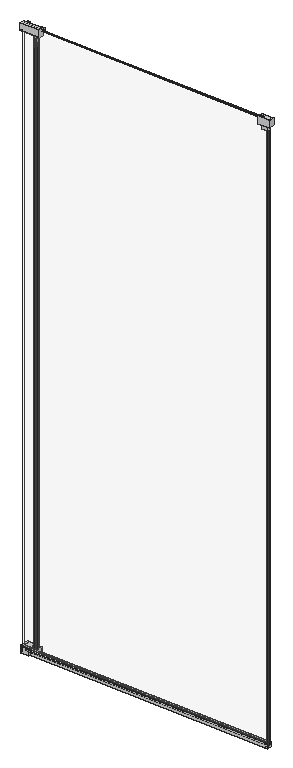
Revit family "Shower-Side_Panel-KOHLER-COMPOSED-1.1922.025_1", category Specialty Equipment, host Face, Revit 2017
Family settings
  Host = Face
  Round Connector Dimension = Use Diameter
  Part Type = Normal
  OmniClass Number = 23.31.17.17
  OmniClass Title = Shower Enclosures
  Cut with Voids When Loaded = No
  Shared = No
  Room Calculation Point = No
Parameters (values of type "Polished Chrome")
  Width [instance] = 34 115/256"
  WaterSense Certified = 1 = 0  # no
  URL = "https://www.kohler.co.uk/"
  Type = 1
  Product Page URL = ""
  Product Name = "COMPOSED"  # constant formula
  Product Documentation Link = ""
  Model = "1.1922.025"  # constant formula
  Material = "Premium Metal Construction"  # constant formula
  Master Format 2014 Name = "Shower Doors"  # constant formula
  Master Format 2014 = "10 28 19.16"  # constant formula
  Manufacturer Address = "Cromwell Road, Cheltenham, Gloucestershire. GL52 5EP Registered in England No. 252115"  # constant formula
  Manufacturer = "KOHLER Co."  # constant formula
  Length = 1 3/8"  # constant formula
  Height = 78 189/256"  # constant formula
  Finish = Kohler-Metal-CP-Polished_Chrome
  Environmental Product Declaration = ""
  Description = "COMPOSED SLDG ENCLOSURE SIDE PANEL 900MM"  # constant formula
  Default Elevation = 4"
  Declare Label = ""
  Date Modified = "10/08/2021"  # constant formula
  Date Created = "10/08/2021"  # constant formula
  Copyright = "Copyright KOHLER Co."  # constant formula
  Contact Us = "https://www.kohler.co.uk/support/contact/"
  Assembly Code = "C1030200"
  ADA Compliant = 1 = 0  # no
Reference planes (in)
  plane 1 "Center (Front/Back)": y = 0
  plane 2: z = 0
  plane 3 "Center (Left/Right)": x = 0
  plane 4: x = -14.9685
  plane 5: x = 18.23823
  plane 6: x = 18.6398
  plane 7: x = 19.48071
  plane 8: x = 19.81303
  plane 9: y = -1.375
  plane 10: y = -0.82874
  plane 11: y = -1.1437
  plane 12: z = 78.73828
  plane 13: z = 39.37008
  plane 14: x = -12.29134
  plane 15: z = 78.56299
  plane 16: y = -0.98622
  plane 17: x = 2.42226
Dimensions and locks (in)
  locked: plane 4 to plane 3 "Center (Left/Right)" at 14.9685
  "Height": plane 12 to level
  plane 15 to level = 78.56299"
  "Width": plane 4 to plane 7
  locked: plane 7 to plane 8 at 0.33231
  locked: plane 5 to plane 7 at 1.24249
  locked: plane 6 to plane 7 at 0.84091
  "Length": plane 9 to plane 1 "Center (Front/Back)"
  aligned and locked: plane 2 to host face
  aligned and locked: level to host face
  aligned and locked: plane 4 to nested 1
Automatic sketch dimensions
  host sketch curve to host sketch curve = 96"  (x2)
Nested families (in)
  nested 1: "1.1922.025" at (-14.9685, 0, 0), type "1.1922.025"
Definition of nested family "1.1922.025"
  Parameters (values of type "1.1922.025")
    Width = 34.44882"
    Material = none
  Reference planes (in)
    plane 1 "Center (Front/Back)": y = 0
    plane 2: z = 0
    plane 3 "Center (Left/Right)": x = 0
    plane 4: z = 78.74016
    plane 5: x = 34.44882
    plane 6: y = -0.82874
    plane 7: y = -1.1437
    plane 8: y = -1.375
    plane 9: x = 34.78113
    plane 10: x = 33.60791
    plane 11: x = 33.20633
    plane 12: z = 39.37008
    plane 13: z = 78.56299
    plane 14: x = 2.67717
    plane 15: y = -0.22441
    plane 16: y = -0.98622
    plane 17: x = 17.39057
  Forms (in)
    Extrusion 1, solid, material <- "Material", detail levels medium+fine
      sketch origin (0, 0, 0) x (0, 1, 0) y (0, 0, 1)
        loop
          line (-1.22835, 0) -> (-1.1811, 0) -> (-1.1811, 0.05906)
          arc (-1.1811, 0.05906) -> (-1.17534, 0.07297) -> (-1.16142, 0.07874) r 0.01969
          line (-1.16142, 0.07874) -> (-0.74409, 0.07874)
          arc (-0.74409, 0.07874) -> (-0.73018, 0.07297) -> (-0.72441, 0.05906) r 0.01969
          line (-0.72441, 0.05906) -> (-0.72441, 0) -> (-0.67717, 0) -> (-0.67717, 0.58268)
          arc (-0.67717, 0.58268) -> (-0.68293, 0.5966) -> (-0.69685, 0.60236) r 0.01969
          line (-0.69685, 0.60236) -> (-0.76181, 0.60236) -> (-0.76181, 0.55105) -> (-0.72047, 0.55105) -> (-0.72047, 0.15748)
          arc (-0.72047, 0.15748) -> (-0.72624, 0.14356) -> (-0.74016, 0.1378) r 0.01969
          line (-0.74016, 0.1378) -> (-1.16535, 0.1378)
          arc (-1.16535, 0.1378) -> (-1.17927, 0.14356) -> (-1.18504, 0.15748) r 0.01969
          line (-1.18504, 0.15748) -> (-1.18504, 0.55105) -> (-1.1437, 0.55105) -> (-1.1437, 0.60236) -> (-1.20866, 0.60236)
          arc (-1.20866, 0.60236) -> (-1.22258, 0.5966) -> (-1.22835, 0.58268) r 0.01969
          line (-1.22835, 0.58268) -> (-1.22835, 0)
      from 0.20138 to 34.44882
    Extrusion 2, solid
      sketch origin (0, 0, 0) x (0, 1, 0) y (0, 0, 1)
        loop
          line (-1.1437, 78.52362) -> (-1.1437, 0.21654) -> (-1.10433, 0.17717) -> (-0.86811, 0.17717) -> (-0.82874, 0.21654) -> (-0.82874, 78.52362) -> (-0.86811, 78.56299) -> (-1.10433, 78.56299) -> (-1.1437, 78.52362)
      from 0.20138 to 34.44882
    Extrusion 3, void
      sketch origin (0, 0, 0) x (1, 0, 0) y (0, 0, 1)
        loop
          line (1.92913, 0.09101) -> (1.92913, 0.4834)
          arc (1.92913, 0.4834) -> (1.91159, 0.52576) -> (1.86922, 0.54331) r 0.05991
          line (1.86922, 0.54331) -> (1.82995, 0.54331) -> (1.82995, 0.58268) -> (1.92913, 0.58268) -> (1.92913, 0.81109) -> (1.22047, 0.81109) -> (1.22047, 0.69999) -> (1.02362, 0.69999)
          arc (1.02362, 0.69999) -> (0.99578, 0.68845) -> (0.98425, 0.66062) r 0.03937
          line (0.98425, 0.66062) -> (0.98425, 0.09101)
          arc (0.98425, 0.09101) -> (1.0027, 0.04647) -> (1.04724, 0.02802) r 0.06299
          line (1.04724, 0.02802) -> (1.86614, 0.02802)
          arc (1.86614, 0.02802) -> (1.91068, 0.04647) -> (1.92913, 0.09101) r 0.06299
        loop
          arc (0.70866, 0.67681) -> (0.69713, 0.70465) -> (0.66929, 0.71618) r 0.03937
          line (0.66929, 0.71618) -> (0.1378, 0.71618)
          arc (0.1378, 0.71618) -> (0.10996, 0.70465) -> (0.09843, 0.67681) r 0.03937
          line (0.09843, 0.67681) -> (0.09843, -0.05008) -> (0.70866, -0.05008) -> (0.70866, 0.67681)
      from -0.21438 to 0.72441
    Extrusion 4, solid, material <- "Material", detail levels medium+fine
      sketch origin (0, 0, 0) x (1, 0, 0) y (0, 1, 0)
        loop
          arc (1.33717, -0.3563) -> (1.32101, -0.34919) -> (1.31534, -0.33247) r 0.02191
          line (1.31534, -0.33247) -> (1.3288, -0.17913) -> (1.35968, -0.17913) -> (1.36538, -0.12008) -> (1.31657, -0.12008)
          arc (1.31657, -0.12008) -> (1.30023, -0.12643) -> (1.29245, -0.14214) r 0.02423
          line (1.29245, -0.14214) -> (1.2739, -0.34884) -> (1.2739, -0.53313)
          arc (1.2739, -0.53313) -> (1.45107, -0.7103) -> (1.62823, -0.53313) r 0.17717
          line (1.62823, -0.53313) -> (1.62823, -0.39173) -> (1.66124, -0.39637) -> (1.74708, -0.50566)
          arc (1.74708, -0.50566) -> (1.83214, -0.65782) -> (1.86636, -0.82874) r 0.56077
          line (1.86636, -0.82874) -> (1.90175, -0.82874)
          arc (1.90175, -0.82874) -> (1.8695, -0.64927) -> (1.78158, -0.48953) r 0.56298
          line (1.78158, -0.48953) -> (1.68445, -0.36586) -> (1.66433, -0.14159)
          arc (1.66433, -0.14159) -> (1.65674, -0.12627) -> (1.6408, -0.12008) r 0.02362
          line (1.6408, -0.12008) -> (1.58913, -0.12008) -> (1.59484, -0.17913) -> (1.62803, -0.17913) -> (1.6417, -0.33489)
          arc (1.6417, -0.33489) -> (1.6366, -0.34991) -> (1.62209, -0.3563) r 0.01969
          line (1.62209, -0.3563) -> (1.33717, -0.3563)
        loop
          line (1.29359, -0.39173) -> (1.29359, -0.531)
          arc (1.29359, -0.531) -> (1.45107, -0.68848) -> (1.60855, -0.531) r 0.15748
          line (1.60855, -0.531) -> (1.60855, -0.39173) -> (1.29359, -0.39173)
      from 0.59055 to 77.79528
    Extrusion 5, solid, material <- "Material", detail levels medium+fine
      sketch origin (-23.68402, 0, 0) x (1, 0, 0) y (0, 1, 0)
        loop
          line (57.68169, -0.83993) -> (57.71497, -0.83688) -> (57.71979, -0.80258) -> (57.78198, -0.80258) -> (57.77443, -0.85635) -> (57.81878, -0.7975) -> (57.89994, -0.7975) -> (57.89185, -0.85507) -> (57.94357, -0.79342) -> (58.01658, -0.79342) -> (57.99633, -0.84907) -> (58.03534, -0.80258) -> (58.13284, -0.80258) -> (58.08425, -0.76181) -> (57.88374, -0.76181) -> (57.83255, -0.73794) -> (57.81252, -0.76181) -> (57.71979, -0.76181) -> (57.71979, -0.69284) -> (57.68169, -0.73094) -> (57.68169, -0.83993)
      from 0.60236 to 77.79528
    Extrusion 6, solid, material <- "Material", detail levels medium+fine
      sketch origin (0, 0, 0) x (0, 1, 0) y (0, 0, 1)
        loop
          arc (-1.3376, 77.81496) -> (-1.33183, 77.80104) -> (-1.31791, 77.79528) r 0.01969
          line (-1.31791, 77.79528) -> (-1.1437, 77.79528) -> (-1.1437, 78.56299) -> (-0.82874, 78.56299) -> (-0.82874, 77.79528) -> (-0.67913, 77.79528)
          arc (-0.67913, 77.79528) -> (-0.66521, 77.80104) -> (-0.65945, 77.81496) r 0.01969
          line (-0.65945, 77.81496) -> (-0.65945, 78.74016) -> (-1.3376, 78.74016) -> (-1.3376, 77.81496)
      from 0 to 2.67717
    Extrusion 7, solid, material <- "Material", detail levels medium+fine
      sketch origin (0, 0, 0) x (0, 1, 0) y (0, 0, 1)
        loop
          line (-0.65945, 78.55314) -> (-0.65945, 78.32874) -> (-0.30571, 78.32874) -> (-0.26634, 78.36811) -> (-0.26634, 78.51377) -> (-0.30571, 78.55314) -> (-0.65945, 78.55314)
        loop
          line (-0.65945, 78.25) -> (-0.65945, 78.1122) -> (-0.26378, 78.1122) -> (-0.22441, 78.15157) -> (-0.22441, 78.21062) -> (-0.26378, 78.25) -> (-0.65945, 78.25)
      from 0.20138 to 0.52559
    Extrusion 8, solid, material <- "Material", detail levels medium+fine
      sketch origin (1.84045, 0, 0) x (0, 1, 0) y (0, 0, 1)
        loop
          line (-0.65945, 78.55314) -> (-0.65945, 78.32874) -> (-0.30571, 78.32874) -> (-0.26634, 78.36811) -> (-0.26634, 78.51377) -> (-0.30571, 78.55314) -> (-0.65945, 78.55314)
        loop
          line (-0.65945, 78.25) -> (-0.65945, 78.1122) -> (-0.26378, 78.1122) -> (-0.22441, 78.15157) -> (-0.22441, 78.21062) -> (-0.26378, 78.25) -> (-0.65945, 78.25)
      from 0.42067 to 0.74488
    Extrusion 9, solid, material <- "Material", detail levels medium+fine
      sketch origin (0, 0, 0) x (1, 0, 0) y (0, 0, 1)
        loop
          line (34.74176, 78.74016) -> (33.2457, 78.74016)
          arc (33.2457, 78.74016) -> (33.21786, 78.72863) -> (33.20633, 78.70079) r 0.03937
          line (33.20633, 78.70079) -> (33.20633, 77.79528) -> (33.60791, 77.79528) -> (33.60791, 77.24409)
          arc (33.60791, 77.24409) -> (33.61944, 77.21626) -> (33.64728, 77.20472) r 0.03937
          line (33.64728, 77.20472) -> (34.10767, 77.20472) -> (34.44882, 77.20472) -> (34.44882, 77.79528) -> (34.78113, 77.79528) -> (34.78113, 78.70079)
          arc (34.78113, 78.70079) -> (34.7696, 78.72863) -> (34.74176, 78.74016) r 0.03937
      from 0.58268 to 1.30118
    Extrusion 10, void
      sketch origin (0, 0, 0) x (0, 1, 0) y (0, 0, 1)
        loop
          arc (-0.81484, 78.53543) -> (-0.83214, 78.57719) -> (-0.8739, 78.59449) r 0.05906
          line (-0.8739, 78.59449) -> (-1.09055, 78.59449)
          arc (-1.09055, 78.59449) -> (-1.13231, 78.57719) -> (-1.14961, 78.53543) r 0.05906
          line (-1.14961, 78.53543) -> (-1.14961, 77.79528) -> (-0.81484, 77.79528) -> (-0.81484, 78.53543)
        loop
          line (-1.22099, 77.79528) -> (-1.3376, 77.79528) -> (-1.3376, 77.11594) -> (-1.22099, 77.11594) -> (-1.22099, 77.79528)
        loop
          line (-0.72441, 77.79528) -> (-0.72441, 77.12016) -> (-0.55206, 77.12016) -> (-0.55206, 77.79528) -> (-0.72441, 77.79528)
      from 33.20633 to 34.44882
    Extrusion 11, solid, material <- "Material", detail levels coarse
      sketch origin (0, 0, 0) x (0, 1, 0) y (0, 0, 1)
        loop
          arc (-1.3376, 77.81496) -> (-1.33183, 77.80104) -> (-1.31791, 77.79528) r 0.01969
          line (-1.31791, 77.79528) -> (-1.1437, 77.79528) -> (-1.1437, 78.56299) -> (-0.82874, 78.56299) -> (-0.82874, 77.79528) -> (-0.67913, 77.79528)
          arc (-0.67913, 77.79528) -> (-0.66521, 77.80104) -> (-0.65945, 77.81496) r 0.01969
          line (-0.65945, 77.81496) -> (-0.65945, 78.74016) -> (-1.3376, 78.74016) -> (-1.3376, 77.81496)
      from 0 to 2.67717
    Extrusion 12, solid, material <- "Material", detail levels coarse
      sketch origin (0, 0, 0.03937) x (1, 0, 0) y (0, 0, 1)
        loop
          line (34.74176, 78.70079) -> (33.2457, 78.70079)
          arc (33.2457, 78.70079) -> (33.21786, 78.68926) -> (33.20633, 78.66142) r 0.03937
          line (33.20633, 78.66142) -> (33.20633, 77.75591) -> (33.60791, 77.75591) -> (33.60791, 77.20472)
          arc (33.60791, 77.20472) -> (33.61944, 77.17689) -> (33.64728, 77.16535) r 0.03937
          line (33.64728, 77.16535) -> (34.10767, 77.16535) -> (34.78113, 77.16535) -> (34.78113, 78.66142)
          arc (34.78113, 78.66142) -> (34.7696, 78.68926) -> (34.74176, 78.70079) r 0.03937
      from 0.58268 to 1.30118
    Extrusion 13, solid, material <- "Material", detail levels coarse
      sketch origin (0, 0, 0.03937) x (0, 1, 0) y (0, 0, 1)
        loop
          line (-1.22835, -0.03937) -> (-0.67717, -0.03937) -> (-0.67717, 0.54331)
          arc (-0.67717, 0.54331) -> (-0.68293, 0.55723) -> (-0.69685, 0.56299) r 0.01969
          line (-0.69685, 0.56299) -> (-1.1437, 0.56299) -> (-1.20866, 0.56299)
          arc (-1.20866, 0.56299) -> (-1.22258, 0.55723) -> (-1.22835, 0.54331) r 0.01969
          line (-1.22835, 0.54331) -> (-1.22835, -0.03937)
      from 0.20138 to 34.44882
    Extrusion 14, solid, material <- "Material", detail levels coarse
      sketch origin (0.01342, -0.00211, 0) x (1, 0, 0) y (0, 1, 0)
        loop
          line (0, -1.38287) -> (1.22047, -1.38287) -> (1.22047, -0.66929) -> (1.98819, -0.66929) -> (1.98819, 0) -> (0.01969, 0)
          arc (0.01969, 0) -> (0.00577, -0.00577) -> (0, -0.01969) r 0.01969
          line (0, -0.01969) -> (0, -1.38287)
      from 0 to 0.7874
    Extrusion 15, void
      sketch origin (0, 0, 0) x (1, 0, 0) y (0, 1, 0)
        loop
          line (0.20138, -1.1437) -> (1.66722, -1.1437) -> (1.66722, -0.82874) -> (0.20138, -0.82874) -> (0.20138, -1.1437)
      from 0.17717 to 0.85243
    Extrusion 16, solid, material <- "Material"
      sketch origin (0, 0, 0) x (1, 0, 0) y (0, 1, 0)
        loop
          line (1.96224, 0) -> (0.03937, 0)
          arc (0.03937, 0) -> (0.01153, -0.01153) -> (0, -0.03937) r 0.03937
          line (0, -0.03937) -> (0, -1.17815)
          arc (0, -1.17815) -> (0.05766, -1.31734) -> (0.19685, -1.375) r 0.19685
          line (0.19685, -1.375) -> (1.21744, -1.375)
          arc (1.21744, -1.375) -> (1.24527, -1.36347) -> (1.25681, -1.33563) r 0.03937
          line (1.25681, -1.33563) -> (1.25681, -1.22835) -> (0.20138, -1.22835) -> (0.20138, -0.84941) -> (2.00161, -0.84941) -> (2.00161, -0.03937)
          arc (2.00161, -0.03937) -> (1.99008, -0.01153) -> (1.96224, 0) r 0.03937
      from 0 to 0.7874
    Extrusion 17, solid, material <- "Material", detail levels coarse
      sketch origin (0, 0, 0) x (1, 0, 0) y (0, 1, 0)
        loop
          line (1.92913, -0.05133) -> (1.1786, -0.05133) -> (1.1786, -0.78951) -> (1.92913, -0.78951) -> (1.92913, -0.05133)
        loop
          line (34.44882, -0.8739) -> (34.44882, -0.67717) -> (33.96363, -0.67717) -> (33.96363, -0.8739) -> (34.44882, -0.8739)
      from 0.44563 to 77.79528
  Cuts and joins
    Extrusion 10 cuts Extrusion 9
    Extrusion 15 cuts Extrusion 14
    Extrusion 10 cuts Extrusion 12
    Extrusion 3 cuts Extrusion 16
  Lines and regions (in)
    Masking region 1
      outline origin (0, 0, 0) x (1, 0, 0) y (0, 1, 0)
        loop
          line (2.67717, -1.3376) -> (2.67717, -1.26476) -> (33.20633, -1.26476) -> (33.20633, -1.3376) -> (34.78113, -1.3376) -> (34.78113, -0.58268) -> (33.20633, -0.58268) -> (33.20633, -0.67717) -> (2.67717, -0.67717) -> (2.67717, -0.64615) -> (2.58533, -0.64615) -> (2.58533, -0.22441) -> (2.26112, -0.22441) -> (2.26112, -0.65945) -> (2.00161, -0.65945) -> (2.00161, -0.01969)
          arc (2.00161, -0.01969) -> (1.99585, -0.00577) -> (1.98193, 0) r 0.01969
          line (1.98193, 0) -> (0, 0) -> (0, -1.1811)
          arc (0, -1.1811) -> (0.05679, -1.31821) -> (0.1939, -1.375) r 0.1939
          line (0.1939, -1.375) -> (1.25681, -1.375) -> (1.25681, -1.3376) -> (2.67717, -1.3376)
    Masking region 2
      outline origin (0, 0, 0) x (1, 0, 0) y (0, 0, 1)
        loop
          line (0, 77.79528) -> (0.20138, 77.79528) -> (0.20138, 0.7874) -> (0, 0.7874) -> (0, 0) -> (34.44882, 0) -> (34.44882, 77.79528) -> (34.78113, 77.79528) -> (34.78113, 78.70079)
          arc (34.78113, 78.70079) -> (34.7696, 78.72863) -> (34.74176, 78.74016) r 0.03937
          line (34.74176, 78.74016) -> (33.2457, 78.74016)
          arc (33.2457, 78.74016) -> (33.21786, 78.72863) -> (33.20633, 78.70079) r 0.03937
          line (33.20633, 78.70079) -> (33.20633, 78.56299) -> (2.67717, 78.56299) -> (2.67717, 78.74016) -> (0, 78.74016) -> (0, 77.79528)
    Masking region 3
      outline origin (0, 0, 0) x (0, 1, 0) y (0, 0, 1)
        loop
          line (-1.3376, 77.79528) -> (-1.22099, 77.79528) -> (-1.22099, 77.20472) -> (-1.1437, 77.20472) -> (-1.1437, 0.7874) -> (-1.375, 0.7874) -> (-1.375, 0) -> (0, 0) -> (0, 0.7874) -> (-0.12008, 0.7874) -> (-0.12008, 77.79528) -> (-0.58268, 77.79528) -> (-0.58268, 78.1122) -> (-0.26378, 78.1122) -> (-0.22441, 78.15157) -> (-0.22441, 78.21062) -> (-0.26378, 78.25) -> (-0.58268, 78.25) -> (-0.58268, 78.32874) -> (-0.30571, 78.32874) -> (-0.26634, 78.36811) -> (-0.26634, 78.51377) -> (-0.30571, 78.55314) -> (-0.58268, 78.55314) -> (-0.58268, 78.74016) -> (-1.3376, 78.74016) -> (-1.3376, 77.79528)
    symbolic lines, detail levels medium+fine
      curve 1: line (33.20633, -0.67717, 0) -> (33.20633, -1.26476, 0)
      curve 2: line (1.31534, -0.33247, 0) -> (1.3288, -0.17913, 0)
      curve 3: line (1.3288, -0.17913, 0) -> (1.35968, -0.17913, 0)
      curve 4: line (1.35968, -0.17913, 0) -> (1.36538, -0.12008, 0)
      curve 5: line (1.36538, -0.12008, 0) -> (1.31657, -0.12008, 0)
      curve 6: arc (1.31657, -0.12008, 0) -> (1.30023, -0.12643, 0) -> (1.29245, -0.14214, 0) r 0.02423
      curve 7: line (1.29245, -0.14214, 0) -> (1.2739, -0.34884, 0)
      curve 8: line (1.2739, -0.34884, 0) -> (1.2739, -0.53313, 0)
      curve 9: arc (1.2739, -0.53313, 0) -> (1.28767, -0.60161, 0) -> (1.32684, -0.65945, 0) r 0.17717
      curve 10: line (1.62823, -0.53313, 0) -> (1.62823, -0.39173, 0)
      curve 11: line (1.62823, -0.39173, 0) -> (1.66124, -0.39637, 0)
      curve 12: line (1.66124, -0.39637, 0) -> (1.74708, -0.50566, 0)
      curve 13: arc (1.74708, -0.50566, 0) -> (1.79403, -0.5757, 0) -> (1.82995, -0.65198, 0) r 0.56077
      curve 14: arc (1.82995, -0.56203, 0) -> (1.80717, -0.52484, 0) -> (1.78158, -0.48953, 0) r 0.56298
      curve 15: line (1.78158, -0.48953, 0) -> (1.68445, -0.36586, 0)
      curve 16: line (1.68445, -0.36586, 0) -> (1.66433, -0.14159, 0)
      curve 17: arc (1.66433, -0.14159, 0) -> (1.65674, -0.12627, 0) -> (1.6408, -0.12008, 0) r 0.02362
      curve 18: line (1.6408, -0.12008, 0) -> (1.58913, -0.12008, 0)
      curve 19: line (1.58913, -0.12008, 0) -> (1.59484, -0.17913, 0)
      curve 20: line (1.59484, -0.17913, 0) -> (1.62803, -0.17913, 0)
      curve 21: line (1.62803, -0.17913, 0) -> (1.6417, -0.33489, 0)
      curve 22: arc (1.6417, -0.33489, 0) -> (1.6366, -0.34991, 0) -> (1.62209, -0.3563, 0) r 0.01969
      curve 23: line (1.62209, -0.3563, 0) -> (1.33717, -0.3563, 0)
      curve 24: arc (1.33717, -0.3563, 0) -> (1.32101, -0.34919, 0) -> (1.31534, -0.33247, 0) r 0.02191
      curve 25: line (1.29359, -0.39173, 0) -> (1.60855, -0.39173, 0)
      curve 26: line (1.60855, -0.39173, 0) -> (1.60855, -0.531, 0)
      curve 27: arc (1.60855, -0.531, 0) -> (1.59097, -0.60329, 0) -> (1.54217, -0.65945, 0) r 0.15748
      curve 28: line (1.29359, -0.531, 0) -> (1.29359, -0.39173, 0)
      curve 29: line (2.67717, -0.65945, 0) -> (1.35996, -0.65945, 0)
      curve 30: line (0.52559, -0.65945, 0) -> (0.52559, -0.22441, 0)
      curve 31: line (0.20138, -0.22441, 0) -> (0.20138, -0.65945, 0)
      curve 32: line (0.52559, -0.22441, 0) -> (0.20138, -0.22441, 0)
      curve 33: line (1.35996, -0.65945, 0) -> (0, -0.65945, 0)
      curve 34: arc (1.35996, -0.65945, 0) -> (1.31116, -0.60329, 0) -> (1.29359, -0.531, 0) r 0.15748
      curve 35: arc (1.57529, -0.65945, 0) -> (1.61446, -0.60161, 0) -> (1.62823, -0.53313, 0) r 0.17717
      curve 36: line (2.67717, -0.64615, 0) -> (2.67717, -1.3376, 0)
      curve 37: line (2.67717, -1.1811, 0) -> (2.606, -1.1811, 0)
      curve 38: line (2.606, -0.67717, 0) -> (2.606, -1.1811, 0)
      curve 39: line (0.20138, -0.67717, 0) -> (0.20138, -1.1811, 0)
      curve 40: line (0.20138, -0.67717, 0) -> (2.606, -0.67717, 0)
      curve 41: line (0.20138, -1.1811, 0) -> (0.10734, -1.1811, 0)
      curve 42: line (0.10734, -1.1811, 0) -> (0.10734, -1.3376, 0)
      curve 43: line (0.20138, -0.26329, 0) -> (0.52559, -0.26329, 0)
      curve 44: line (2.26112, -0.26575, 0) -> (2.58533, -0.26575, 0)
      curve 45: line (1.22047, 0, 0) -> (1.22047, -0.65945, 0)
      curve 46: line (1.82995, 0, 0) -> (1.82995, -0.65945, 0)
      curve 47: line (1.25681, -1.3376, 0) -> (0.10734, -1.3376, 0)
      curve 48: line (0.86298, -0.7874, 0) -> (1.75819, -0.7874, 0)
      curve 49: line (1.75819, -0.7874, 0) -> (1.75819, -0.67717, 0)
      curve 50: line (0.86298, -0.7874, 0) -> (0.86298, -0.67717, 0)
      curve 51: line (0.20138, 0, 0.7874) -> (34.44882, 0, 0.7874)
      curve 52: line (0.20138, 0, 77.79528) -> (2.67717, 0, 77.79528)
      curve 53: line (2.67717, 0, 78.56299) -> (2.67717, 0, 77.79528)
      curve 54: line (33.64734, 0, 77.20472) -> (34.44882, 0, 77.20472)
      curve 55: line (33.60791, 0, 77.79528) -> (33.60791, 0, 77.24416)
      curve 56: arc (33.60791, 0, 77.24416) -> (33.61946, 0, 77.21628) -> (33.64734, 0, 77.20472) r 0.03944
      curve 57: line (34.44882, 0, 77.79528) -> (33.20633, 0, 77.79528)
      curve 58: line (33.20633, 0, 77.79528) -> (33.20633, 0, 78.56299)
      curve 59: line (0, -0.12008, 0.7874) -> (0, -1.18898, 0.7874)
      curve 60: line (0, -0.34884, 0.7874) -> (0, -0.34884, 77.79528)
      curve 61: line (0, -0.65945, 77.81496) -> (0, -0.65945, 78.74016)
      curve 62: arc (0, -0.67913, 77.79528) -> (0, -0.66521, 77.80104) -> (0, -0.65945, 77.81496) r 0.01969
      curve 63: line (0, -0.82874, 77.79528) -> (0, -0.58268, 77.79528)
      curve 64: line (0, -0.65945, 78.74016) -> (0, -1.3376, 78.74016)
      curve 65: line (0, -0.58268, 78.55314) -> (0, -0.65945, 78.55314)
      curve 66: line (0, -0.58268, 78.32874) -> (0, -0.65945, 78.32874)
      curve 67: line (0, -0.58268, 78.1122) -> (0, -0.65945, 78.1122)
      curve 68: line (0, -0.58268, 78.25) -> (0, -0.65945, 78.25)
      curve 69: line (0, -1.22099, 77.79528) -> (0, -1.1437, 77.79528)
      curve 70: line (0, -1.1437, 78.52362) -> (0, -1.10433, 78.56299)
      curve 71: line (0, -1.10433, 78.56299) -> (0, -0.86811, 78.56299)
      curve 72: line (0, -0.86811, 78.56299) -> (0, -0.82874, 78.52362)
      curve 73: line (0, -0.82874, 78.52362) -> (0, -0.82874, 0.7874)
      curve 74: line (0, -1.1437, 77.20472) -> (0, -1.1437, 78.52362)
      curve 75: line (0, -0.70571, 77.79528) -> (0, -0.70571, 0.7874)
      curve 76: line (0, -0.50886, 0.7874) -> (0, -0.50886, 77.79626)
      curve 77: line (0, -0.26634, 78.51377) -> (0, -0.65945, 78.51377)
      curve 78: line (0, -0.26634, 78.36811) -> (0, -0.65945, 78.36811)
      curve 79: line (0, -0.22441, 78.21062) -> (0, -0.65945, 78.21062)
      curve 80: line (0, -0.22441, 78.15157) -> (0, -0.65945, 78.15157)
      curve 81: line (0, -0.79342, 77.79528) -> (0, -0.79342, 78.54946)
      curve 82: line (0, -0.83279, 78.58883) -> (0, -1.13965, 78.58883)
      curve 83: line (0, -1.17902, 77.79528) -> (0, -1.17902, 78.54946)
      curve 84: arc (0, -1.17902, 78.54946) -> (0, -1.16749, 78.5773) -> (0, -1.13965, 78.58883) r 0.03937
      curve 85: arc (0, -0.79342, 78.54946) -> (0, -0.80495, 78.5773) -> (0, -0.83279, 78.58883) r 0.03937
      curve 86: line (2.00161, 0, 0.7874) -> (2.00161, 0, 0)
      curve 87: line (2.67717, -0.76181, 0) -> (33.20633, -0.76181, 0)
      curve 88: line (2.67717, -0.86811, 0) -> (33.20633, -0.86811, 0)
      curve 89: line (33.20633, -0.83688, 0) -> (2.67717, -0.83688, 0)
      curve 90: line (2.67717, -1.10433, 0) -> (33.20633, -1.10433, 0)
      curve 91: line (2.67717, -1.13655, 0) -> (33.20633, -1.13655, 0)
  Dimensions and locks (in)
    plane 6 to plane 7 = 0.31496"
    plane 1 "Center (Front/Back)" to plane 8 = 1 3/8"  (x2)
    Extrusion 11 to plane 14 = 0"
    "Width": plane 5 to plane 3 "Center (Left/Right)"
    locked: plane 9 to plane 5 at 0.33231
    locked: plane 5 to plane 11 at 1.24249
    locked: plane 5 to plane 10 at 0.84091
    equal spacing: plane 9, plane 17, plane 3 "Center (Left/Right)"
    aligned and locked: level to plane 2
    aligned and locked: plane 5 to Extrusion 10
    aligned and locked: plane 11 to Extrusion 10
    aligned and locked: plane 5 to Extrusion 5
    aligned and locked: plane 5 to Extrusion 2
    aligned and locked: plane 5 to Extrusion 1
    aligned and locked: plane 11 to cut or joined group of Extrusion 9, Extrusion 10
    aligned and locked: plane 10 to cut or joined group of Extrusion 9, Extrusion 10
    aligned and locked: plane 5 to Extrusion 13
  Automatic sketch dimensions
    curve 64 to plane 4 = 0"
    curve 74 to plane 7 = 0"
    curve 70 to plane 13 = 0"
    curve 73 to plane 6 = 0"
    curve 79 to plane 15 = 0"
    curve 80 to plane 15 = 0"
    curve 83 to plane 13 = 0.01353"
    plane 7 to curve 83 = 0.03532"
    curve 84 to plane 7 = 0.00405"
    curve 84 to curve 70 = 0.03532"
    curve 72 to plane 6 = 0.03937"
    curve 82 to plane 6 = 0.00405"
    curve 81 to plane 13 = 0.01353"
    curve 81 to curve 62 = 0.11429"
    plane 6 to curve 64 = 0.16929"
    curve 70 to curve 84 = 0.02584"
    curve 72 to curve 85 = 0.02584"
    curve 61 to curve 72 = 0.70866"
    plane 7 to curve 59 = 0.04528"
    curve 69 to curve 83 = 0.04197"
    plane 8 to curve 64 = 0.0374"
    plane 6 to curve 75 = 0.12303"
    curve 65 to plane 13 = 0.00985"
    curve 65 to curve 65 = 0.07676"
    curve 67 to curve 67 = 0.07676"
    curve 66 to curve 66 = 0.07676"
    curve 68 to curve 68 = 0.07676"
    curve 61 to curve 63 = 0.07676"
    curve 75 to curve 76 = 0.19685"
    curve 60 to plane 15 = 0.12443"
    curve 78 to plane 15 = 0.04193"
    curve 77 to plane 15 = 0.04193"
    plane 15 to curve 59 = 0.10433"
    curve 77 to plane 13 = 0.04922"
    curve 78 to curve 77 = 0.14567"
    curve 66 to curve 78 = 0.03937"
    curve 68 to curve 66 = 0.07874"
    curve 79 to curve 68 = 0.03937"
    curve 80 to curve 79 = 0.05906"
    curve 67 to curve 80 = 0.03937"
    curve 63 to curve 76 = 0.00098"
    curve 60 to curve 76 = 0.00098"
    curve 69 to curve 63 = 0"
    curve 74 to curve 69 = 0.59055"
    level to curve 73 = 0.7874"
    curve 86 to level = 0"
    curve 53 to plane 14 = 0"
    plane 11 to curve 57 = 0"
    curve 57 to plane 10 = 0.84091"
    curve 54 to plane 5 = 0"
    curve 51 to plane 5 = 0"
    curve 53 to plane 13 = 0"
    curve 58 to plane 13 = 0"
    curve 56 to plane 10 = 0.03944"
    curve 55 to curve 55 = 0.55111"
    curve 53 to plane 13 = 0.76772"
    curve 86 to plane 14 = 0.67555"
    plane 3 "Center (Left/Right)" to curve 51 = 0.20138"
    plane 3 "Center (Left/Right)" to curve 52 = 0.20138"
    level to curve 51 = 0.7874"
    Extrusion 1 sketch curve to level = 0"  (x2)
    Extrusion 1 sketch curve to plane 7 = 0"
    plane 7 to Extrusion 1 sketch curve = 0.01772"
    plane 7 to Extrusion 1 sketch curve = 0.02165"
    plane 7 to Extrusion 1 sketch curve = 0.0374"
    Extrusion 1 sketch curve to Extrusion 1 sketch curve = 0.04134"  (x2)
    Extrusion 1 sketch curve to Extrusion 1 sketch curve = 0.02362"  (x2)
    Extrusion 1 sketch curve to Extrusion 1 sketch curve = 0.04724"  (x2)
    plane 6 to Extrusion 1 sketch curve = 0.06693"
    plane 6 to Extrusion 1 sketch curve = 0.08465"
    Extrusion 1 sketch curve to Extrusion 1 sketch curve = 0.00394"
    Extrusion 1 sketch curve to Extrusion 1 sketch curve = 0.01969"
    level to Extrusion 1 sketch curve = 0.05906"
    Extrusion 1 sketch curve to Extrusion 1 sketch curve = 0.05906"
    Extrusion 1 sketch curve to Extrusion 1 sketch curve = 0.39357"
    Extrusion 1 sketch curve to Extrusion 1 sketch curve = 0"
    Extrusion 1 sketch curve to Extrusion 1 sketch curve = 0.03163"  (x2)
    Extrusion 2 sketch curve to plane 7 = 0"
    Extrusion 2 sketch curve to plane 13 = 0"
    Extrusion 2 sketch curve to plane 6 = 0"
    Extrusion 2 sketch curve to plane 7 = 0.03937"  (x2)
    Extrusion 2 sketch curve to plane 6 = 0.03937"  (x2)
    Extrusion 2 sketch curve to plane 13 = 0.03937"  (x2)
    level to Extrusion 2 sketch curve = 0.21654"  (x2)
    Extrusion 2 sketch curve to Extrusion 2 sketch curve = 0.03937"
    Extrusion 4 sketch curve to plane 6 = 0"
    Extrusion 4 sketch curve to plane 15 = 0.12443"
    plane 3 "Center (Left/Right)" to Extrusion 4 sketch curve = 1.2739"
    plane 15 to Extrusion 4 sketch curve = 0.08227"
    Extrusion 4 sketch curve to Extrusion 4 sketch curve = 0.01855"
    Extrusion 4 sketch curve to Extrusion 4 sketch curve = 0.01969"
    Extrusion 4 sketch curve to plane 6 = 0.02329"
    Extrusion 4 sketch curve to Extrusion 4 sketch curve = 0.03217"
    Extrusion 4 sketch curve to plane 15 = 0.10806"
    Extrusion 4 sketch curve to Extrusion 4 sketch curve = 0.04144"
    Extrusion 4 sketch curve to Extrusion 4 sketch curve = 0.02413"
    Extrusion 4 sketch curve to Extrusion 4 sketch curve = 0.01222"
    Extrusion 4 sketch curve to Extrusion 4 sketch curve = 0.02183"
    Extrusion 4 sketch curve to plane 6 = 0.00853"
    Extrusion 4 sketch curve to Extrusion 4 sketch curve = 0.03276"
    Extrusion 4 sketch curve to Extrusion 4 sketch curve = 0.03088"
    plane 15 to Extrusion 4 sketch curve = 0.10433"  (x2)
    Extrusion 4 sketch curve to Extrusion 4 sketch curve = 0.04881"
    Extrusion 4 sketch curve to Extrusion 4 sketch curve = 0.15748"
    Extrusion 4 sketch curve to Extrusion 4 sketch curve = 0"  (x2)
    Extrusion 4 sketch curve to Extrusion 4 sketch curve = 0.22375"
    Extrusion 4 sketch curve to Extrusion 4 sketch curve = 0.00571"
    Extrusion 4 sketch curve to Extrusion 4 sketch curve = 0.00615"
    plane 15 to Extrusion 4 sketch curve = 0.04528"  (x2)
    Extrusion 4 sketch curve to Extrusion 4 sketch curve = 0.03319"
    Extrusion 4 sketch curve to Extrusion 4 sketch curve = 0.01277"
    Extrusion 4 sketch curve to plane 15 = 0.11048"
    Extrusion 4 sketch curve to Extrusion 4 sketch curve = 0.01961"
    Extrusion 4 sketch curve to plane 15 = 0.17196"
    Extrusion 4 sketch curve to Extrusion 4 sketch curve = 0.03301"
    plane 15 to Extrusion 4 sketch curve = 0.08282"
    Extrusion 4 sketch curve to Extrusion 4 sketch curve = 0.02353"
    Extrusion 4 sketch curve to plane 15 = 0.14145"
    Extrusion 4 sketch curve to Extrusion 4 sketch curve = 0.0232"
    Extrusion 4 sketch curve to plane 15 = 9/32"
    Extrusion 4 sketch curve to Extrusion 4 sketch curve = 0.11885"
    Extrusion 4 sketch curve to plane 15 = 0.26512"
    Extrusion 4 sketch curve to Extrusion 4 sketch curve = 0.0345"
    Extrusion 4 sketch curve to Extrusion 4 sketch curve = 0.20066"
    Extrusion 4 sketch curve to Extrusion 4 sketch curve = 0.00213"
    Extrusion 4 sketch curve to Extrusion 4 sketch curve = 0.04289"
    Extrusion 4 sketch curve to Extrusion 4 sketch curve = 0.02141"
    Extrusion 5 sketch curve to plane 5 = 0"
    Extrusion 5 sketch curve to plane 5 = 0.04859"
    plane 6 to Extrusion 5 sketch curve = 0.02616"  (x2)
    Extrusion 5 sketch curve to Extrusion 5 sketch curve = 0.04892"
    plane 6 to Extrusion 5 sketch curve = 0.03532"
    Extrusion 5 sketch curve to Extrusion 5 sketch curve = 0.01875"
    Extrusion 5 sketch curve to plane 6 = 0.02033"
    Extrusion 5 sketch curve to Extrusion 5 sketch curve = 0.02025"
    Extrusion 5 sketch curve to Extrusion 5 sketch curve = 0.07301"
    Extrusion 5 sketch curve to Extrusion 5 sketch curve = 0.04363"
    Extrusion 5 sketch curve to plane 6 = 0.02633"
    Extrusion 5 sketch curve to Extrusion 5 sketch curve = 0.00809"
    Extrusion 5 sketch curve to Extrusion 5 sketch curve = 0.0162"
    plane 6 to Extrusion 5 sketch curve = 0.0908"
    Extrusion 5 sketch curve to Extrusion 5 sketch curve = 0.05119"
    plane 6 to Extrusion 5 sketch curve = 1/32"
    Extrusion 5 sketch curve to Extrusion 5 sketch curve = 0.01377"
    Extrusion 5 sketch curve to Extrusion 5 sketch curve = 0.02003"
    Extrusion 5 sketch curve to Extrusion 5 sketch curve = 0.03679"
    Extrusion 5 sketch curve to plane 6 = 0.02761"
    Extrusion 5 sketch curve to Extrusion 5 sketch curve = 0.00756"
    Extrusion 5 sketch curve to Extrusion 5 sketch curve = 0.06219"
    Extrusion 5 sketch curve to Extrusion 5 sketch curve = 0"
    Extrusion 5 sketch curve to plane 6 = 0.00814"
    Extrusion 5 sketch curve to Extrusion 5 sketch curve = 0.00482"
    Extrusion 5 sketch curve to plane 6 = 0.01119"
    Extrusion 5 sketch curve to Extrusion 5 sketch curve = 0.03328"
    Extrusion 5 sketch curve to Extrusion 5 sketch curve = 0.04077"
    Extrusion 5 sketch curve to Extrusion 5 sketch curve = 0.02387"
    Extrusion 5 sketch curve to Extrusion 5 sketch curve = 0.03087"
    Extrusion 5 sketch curve to Extrusion 5 sketch curve = 0.0381"
    Extrusion 6 sketch curve to plane 4 = 0"
    Extrusion 6 sketch curve to plane 7 = 0"
    Extrusion 6 sketch curve to plane 6 = 0"
    Extrusion 6 sketch curve to plane 13 = 0"
    plane 8 to Extrusion 6 sketch curve = 0.05709"
    Extrusion 6 sketch curve to Extrusion 6 sketch curve = 0.01969"  (x3)
    plane 6 to Extrusion 6 sketch curve = 0.14961"
    Extrusion 6 sketch curve to plane 13 = 0.74803"
    Extrusion 7 sketch curve to plane 15 = 0"
    Extrusion 7 sketch curve to plane 15 = 0.03937"  (x2)
    Extrusion 7 sketch curve to plane 15 = 0.04193"
    Extrusion 7 sketch curve to Extrusion 7 sketch curve = 0.03937"  (x5)
    Extrusion 7 sketch curve to plane 13 = 0.00985"
    plane 6 to Extrusion 7 sketch curve = 0.16929"
    Extrusion 7 sketch curve to Extrusion 7 sketch curve = 0"
    Extrusion 7 sketch curve to plane 13 = 0.04922"
    Extrusion 7 sketch curve to Extrusion 7 sketch curve = 0.14567"
    Extrusion 7 sketch curve to Extrusion 7 sketch curve = 0.07874"
    Extrusion 7 sketch curve to Extrusion 7 sketch curve = 0.05906"
    Extrusion 8 sketch curve to plane 15 = 0"
    Extrusion 8 sketch curve to plane 15 = 0.03937"  (x2)
    Extrusion 8 sketch curve to plane 15 = 0.04193"
    Extrusion 8 sketch curve to Extrusion 8 sketch curve = 0.03937"  (x5)
    Extrusion 8 sketch curve to plane 13 = 0.00985"
    plane 6 to Extrusion 8 sketch curve = 0.16929"
    Extrusion 8 sketch curve to Extrusion 8 sketch curve = 0"
    Extrusion 8 sketch curve to plane 13 = 0.04922"
    Extrusion 8 sketch curve to Extrusion 8 sketch curve = 0.14567"
    Extrusion 8 sketch curve to Extrusion 8 sketch curve = 0.07874"
    Extrusion 8 sketch curve to Extrusion 8 sketch curve = 0.05906"
    plane 11 to Extrusion 9 sketch curve = 0"
    Extrusion 9 sketch curve to plane 4 = 0"
    plane 10 to Extrusion 9 sketch curve = 0"
    Extrusion 9 sketch curve to plane 5 = 0"
    Extrusion 9 sketch curve to plane 9 = 0"
    Extrusion 9 sketch curve to plane 4 = 0.03937"  (x2)
    Extrusion 9 sketch curve to plane 10 = 0.03937"
    Extrusion 9 sketch curve to plane 5 = 0.34115"
    Extrusion 9 sketch curve to plane 13 = 0.76772"  (x2)
    Extrusion 9 sketch curve to Extrusion 9 sketch curve = 0.55118"
    plane 8 to Extrusion 10 sketch curve = 0.0374"
    plane 7 to Extrusion 10 sketch curve = 0.07729"
    plane 7 to Extrusion 10 sketch curve = 0.00591"
    plane 13 to Extrusion 10 sketch curve = 0.0315"
    Extrusion 10 sketch curve to plane 7 = 0.05315"
    Extrusion 10 sketch curve to plane 6 = 0.04516"
    plane 6 to Extrusion 10 sketch curve = 0.0139"
    Extrusion 10 sketch curve to Extrusion 10 sketch curve = 0.09043"
    Extrusion 10 sketch curve to Extrusion 10 sketch curve = 0.17235"
    Extrusion 10 sketch curve to Extrusion 10 sketch curve = 0.74016"
    Extrusion 10 sketch curve to Extrusion 10 sketch curve = 0"  (x2)
    Extrusion 10 sketch curve to Extrusion 10 sketch curve = 0.67512"
    Extrusion 10 sketch curve to Extrusion 10 sketch curve = 0.00422"
    plane 1 "Center (Front/Back)" to Masking region 1 sketch curve = 0"
    Masking region 1 sketch curve to plane 3 "Center (Left/Right)" = 0"
    Masking region 1 sketch curve to plane 8 = 0"
    Masking region 1 sketch curve to plane 15 = 0"
    Masking region 1 sketch curve to plane 14 = 0"  (x2)
    Masking region 1 sketch curve to plane 11 = 0"  (x2)
    Masking region 1 sketch curve to plane 9 = 0"
    plane 7 to Masking region 1 sketch curve = 0.0374"
    Masking region 1 sketch curve to Masking region 1 sketch curve = 1.06291"
    Masking region 1 sketch curve to plane 14 = 0.69524"
    plane 6 to Masking region 1 sketch curve = 0.16929"
    Masking region 1 sketch curve to Masking region 1 sketch curve = 0.01969"
    Masking region 1 sketch curve to Masking region 1 sketch curve = 0.25951"
    Masking region 1 sketch curve to plane 14 = 0.09183"
    plane 8 to Masking region 1 sketch curve = 0.0374"
    Masking region 1 sketch curve to Masking region 1 sketch curve = 0.0374"
    Masking region 1 sketch curve to Masking region 1 sketch curve = 0.07283"
    plane 6 to Masking region 1 sketch curve = 0.15157"
    Masking region 1 sketch curve to Masking region 1 sketch curve = 0.03102"
    Masking region 1 sketch curve to Masking region 1 sketch curve = 0.09448"
    Masking region 2 sketch curve to plane 3 "Center (Left/Right)" = 0"  (x2)
    Masking region 2 sketch curve to level = 0"
    Masking region 2 sketch curve to plane 4 = 0"  (x2)
    Masking region 2 sketch curve to plane 14 = 0"
    plane 11 to Masking region 2 sketch curve = 0"
    Masking region 2 sketch curve to plane 5 = 0"
    Masking region 2 sketch curve to plane 9 = 0"
    Masking region 2 sketch curve to plane 13 = 0"
    plane 3 "Center (Left/Right)" to Masking region 2 sketch curve = 0.20138"
    Masking region 2 sketch curve to plane 11 = 0.03937"
    Masking region 2 sketch curve to plane 4 = 0.03937"
    level to Masking region 2 sketch curve = 0.7874"
    Masking region 2 sketch curve to plane 13 = 0.76772"  (x2)
    Masking region 3 sketch curve to level = 0"
    Masking region 3 sketch curve to plane 8 = 0"
    Masking region 3 sketch curve to plane 4 = 0"
    Masking region 3 sketch curve to plane 7 = 0"
    Masking region 3 sketch curve to plane 15 = 0"
    Masking region 3 sketch curve to plane 1 "Center (Front/Back)" = 0"
    plane 8 to Masking region 3 sketch curve = 0.0374"
    plane 7 to Masking region 3 sketch curve = 0.07729"
    plane 6 to Masking region 3 sketch curve = 0.24606"  (x2)
    Masking region 3 sketch curve to Masking region 3 sketch curve = 0"
    Masking region 3 sketch curve to plane 15 = 0.0813"  (x2)
    Masking region 3 sketch curve to plane 13 = 0.00985"
    Masking region 3 sketch curve to plane 15 = 0.04193"
    Masking region 3 sketch curve to plane 15 = 0.03937"  (x2)
    plane 15 to Masking region 3 sketch curve = 0.10433"
    level to Masking region 3 sketch curve = 0.7874"  (x2)
    Masking region 3 sketch curve to plane 13 = 1.35827"
    Masking region 3 sketch curve to Masking region 3 sketch curve = 0.59055"
    Masking region 3 sketch curve to plane 13 = 0.76772"
    Masking region 3 sketch curve to Masking region 3 sketch curve = 0.31692"
    Masking region 3 sketch curve to Masking region 3 sketch curve = 0.03937"  (x2)
    Masking region 3 sketch curve to Masking region 3 sketch curve = 0.05906"
    Masking region 3 sketch curve to Masking region 3 sketch curve = 0.1378"
    Masking region 3 sketch curve to Masking region 3 sketch curve = 0.07874"
    Masking region 3 sketch curve to plane 13 = 0.04922"
    Extrusion 11 sketch curve to plane 4 = 0"
    Extrusion 11 sketch curve to plane 7 = 0"
    Extrusion 11 sketch curve to plane 6 = 0"
    Extrusion 11 sketch curve to plane 13 = 0"
    plane 8 to Extrusion 11 sketch curve = 0.05709"
    Extrusion 11 sketch curve to Extrusion 11 sketch curve = 0.01969"  (x3)
    plane 6 to Extrusion 11 sketch curve = 0.14961"
    Extrusion 11 sketch curve to plane 13 = 0.74803"
    plane 11 to Extrusion 12 sketch curve = 0"
    Extrusion 12 sketch curve to plane 4 = 0"
    plane 10 to Extrusion 12 sketch curve = 0"
    Extrusion 12 sketch curve to plane 9 = 0"
    Extrusion 12 sketch curve to plane 4 = 0.03937"  (x2)
    Extrusion 12 sketch curve to plane 10 = 0.03937"
    Extrusion 12 sketch curve to plane 5 = 0.34115"
    Extrusion 12 sketch curve to plane 13 = 0.76772"
    Extrusion 12 sketch curve to Extrusion 12 sketch curve = 0.55118"
    Extrusion 13 sketch curve to Extrusion 13 sketch curve = 0.06496"
    plane 6 to Extrusion 13 sketch curve = 0.13189"
    Extrusion 13 sketch curve to Extrusion 13 sketch curve = 0.01969"  (x2)
    plane 3 "Center (Left/Right)" to Extrusion 14 sketch curve = 0.01342"
    Extrusion 14 sketch curve to Extrusion 14 sketch curve = 0.01969"
    plane 6 to Extrusion 14 sketch curve = 0.15734"
    plane 3 "Center (Left/Right)" to Extrusion 14 sketch curve = 1.23389"
    Extrusion 14 sketch curve to plane 14 = 0.67555"
    Extrusion 14 sketch curve to plane 8 = 0.00999"
    plane 1 "Center (Front/Back)" to Extrusion 14 sketch curve = 0.0218"
    Extrusion 15 sketch curve to plane 6 = 0"
    plane 7 to Extrusion 15 sketch curve = 0"
    plane 3 "Center (Left/Right)" to Extrusion 15 sketch curve = 0.20138"
    Extrusion 15 sketch curve to plane 14 = 1.00994"
    curve 9 to curve 35 = 0"  (x2)
    curve 27 to curve 34 = 0"  (x2)
    curve 33 to plane 3 "Center (Left/Right)" = 0"
    curve 32 to plane 15 = 0"
    plane 1 "Center (Front/Back)" to curve 45 = 0"
    plane 1 "Center (Front/Back)" to curve 46 = 0"
    curve 90 to plane 11 = 0"
    plane 7 to curve 41 = 0.0374"
    plane 3 "Center (Left/Right)" to curve 41 = 0.10734"
    plane 3 "Center (Left/Right)" to curve 32 = 0.20138"
    curve 41 to curve 41 = 0.09404"
    curve 31 to curve 32 = 83/256"
    plane 6 to curve 48 = 0.04134"
    curve 30 to curve 48 = 0.33739"
    curve 50 to curve 8 = 0.41092"
    plane 15 to curve 7 = 0.08227"
    curve 7 to curve 7 = 0.01855"
    curve 7 to curve 28 = 0.01969"
    curve 13 to plane 6 = 0.02329"
    curve 8 to curve 13 = 0.03217"
    curve 2 to plane 15 = 0.10806"
    curve 7 to curve 2 = 0.04144"
    curve 6 to curve 6 = 0.02413"
    plane 15 to curve 2 = 0.04528"
    curve 6 to curve 2 = 0.01222"
    curve 24 to curve 23 = 0.02183"
    curve 14 to plane 6 = 0.00853"
    curve 13 to curve 14 = 0.03276"
    curve 2 to curve 4 = 0.03088"
    curve 34 to curve 33 = 0.06637"
    curve 5 to curve 5 = 0.04881"
    curve 33 to curve 35 = 0.09111"
    curve 27 to curve 9 = 0"
    plane 15 to curve 19 = 0.10433"
    curve 4 to curve 19 = 0.22375"
    plane 15 to curve 19 = 0.04528"
    curve 18 to curve 19 = 0.00571"
    curve 27 to curve 25 = 0.15748"
    curve 25 to curve 22 = 0.01354"
    curve 19 to curve 20 = 0.03319"
    curve 25 to curve 10 = 0.01969"
    curve 18 to curve 18 = 0.05167"
    curve 21 to plane 15 = 0.11048"
    curve 22 to curve 21 = 0.01961"
    curve 12 to plane 15 = 0.17196"
    curve 10 to curve 12 = 0.03301"
    plane 15 to curve 16 = 0.08282"
    curve 17 to curve 16 = 0.02353"
    curve 15 to plane 15 = 0.14145"
    curve 11 to curve 15 = 0.0232"
    curve 12 to plane 15 = 9/32"
    curve 10 to curve 12 = 0.11885"
    curve 12 to curve 48 = 0.01111"
    curve 15 to plane 15 = 0.26512"
    curve 12 to curve 15 = 0.0345"
    curve 40 to plane 14 = 0.07116"
    plane 8 to curve 42 = 0.0374"
    plane 7 to curve 38 = 0.0374"
    plane 6 to curve 39 = 0.15157"
    curve 38 to curve 36 = 0.03102"
    curve 33 to curve 29 = 0"
    curve 9 to curve 27 = 0.00213"
    curve 11 to curve 10 = 0.00464"
    curve 25 to curve 24 = 0.05926"
    curve 23 to curve 22 = 0.02141"
    curve 7 to curve 24 = 0.01637"
    curve 6 to curve 6 = 0.00216"
    curve 45 to curve 9 = 0.10637"
    curve 47 to curve 13 = 0.04927"
    curve 49 to curve 46 = 0.07175"
    curve 44 to plane 15 = 0.04134"
    curve 44 to plane 14 = 0.41605"
    curve 44 to plane 14 = 0.09183"
    plane 7 to curve 1 = 0.12106"
    plane 8 to curve 36 = 0.0374"
    curve 91 to plane 7 = 0.00715"
    curve 91 to curve 90 = 0.03222"
    curve 88 to plane 6 = 0.03937"
    curve 89 to plane 6 = 0.00814"
    plane 6 to curve 87 = 0.06693"
    curve 87 to curve 1 = 0.08465"
    curve 43 to plane 15 = 0.03888"
    Extrusion 16 sketch curve to plane 3 "Center (Left/Right)" = 0"
    plane 1 "Center (Front/Back)" to Extrusion 16 sketch curve = 0"
    Extrusion 16 sketch curve to plane 8 = 0"
    plane 3 "Center (Left/Right)" to Extrusion 16 sketch curve = 0.03937"
    plane 3 "Center (Left/Right)" to Extrusion 16 sketch curve = 0.19685"
    plane 3 "Center (Left/Right)" to Extrusion 16 sketch curve = 0.20138"
    plane 8 to Extrusion 16 sketch curve = 0.03937"
    Extrusion 16 sketch curve to Extrusion 16 sketch curve = 1.01606"
    Extrusion 16 sketch curve to plane 14 = 0.71492"
    plane 1 "Center (Front/Back)" to Extrusion 16 sketch curve = 0.03937"
    Extrusion 16 sketch curve to Extrusion 16 sketch curve = 0.0502"
    Extrusion 16 sketch curve to plane 6 = 0.02067"
    plane 3 "Center (Left/Right)" to Extrusion 3 sketch curve = 0.09843"
    Extrusion 3 sketch curve to Extrusion 3 sketch curve = 0.03937"  (x3)
    Extrusion 3 sketch curve to Extrusion 3 sketch curve = 0.5315"
    Extrusion 3 sketch curve to level = 0.05008"
    Extrusion 3 sketch curve to Extrusion 3 sketch curve = 0.61024"
    level to Extrusion 3 sketch curve = 0.09101"  (x2)
    Extrusion 3 sketch curve to Extrusion 3 sketch curve = 0.27559"
    level to Extrusion 3 sketch curve = 0.02802"
    Extrusion 3 sketch curve to Extrusion 3 sketch curve = 0.19685"
    Extrusion 3 sketch curve to Extrusion 3 sketch curve = 0.60947"
    Extrusion 3 sketch curve to Extrusion 3 sketch curve = 0.0362"
    Extrusion 3 sketch curve to Extrusion 3 sketch curve = 0.03928"
    Extrusion 3 sketch curve to Extrusion 3 sketch curve = 0.09919"
    Extrusion 3 sketch curve to Extrusion 3 sketch curve = 0.39238"
    Extrusion 3 sketch curve to Extrusion 3 sketch curve = 0.5696"
    level to Extrusion 3 sketch curve = 0.67681"
    Extrusion 3 sketch curve to Extrusion 3 sketch curve = 0.22842"
    Extrusion 13 sketch curve to level = 0"
    Extrusion 13 sketch curve to plane 7 = 0"
    level to Extrusion 13 sketch curve = 0.58268"
    Extrusion 17 sketch curve to plane 5 = 0"
    plane 6 to Extrusion 17 sketch curve = 0.15157"
    Extrusion 17 sketch curve to plane 10 = 0.35572"
    plane 1 "Center (Front/Back)" to Extrusion 17 sketch curve = 0.05133"
    Extrusion 17 sketch curve to plane 14 = 0.74803"
    plane 6 to Extrusion 17 sketch curve = 0.03923"
    Extrusion 17 sketch curve to Extrusion 17 sketch curve = 0.75053"
    Extrusion 17 sketch curve to plane 6 = 0.04516"
    curve 36 to plane 14 = 0"
    plane 6 to curve 33 = 0.16929"
    curve 54 to plane 13 = 1.35827"
    plane 10 to curve 55 = 0"
    curve 54 to curve 57 = 0.59055"
